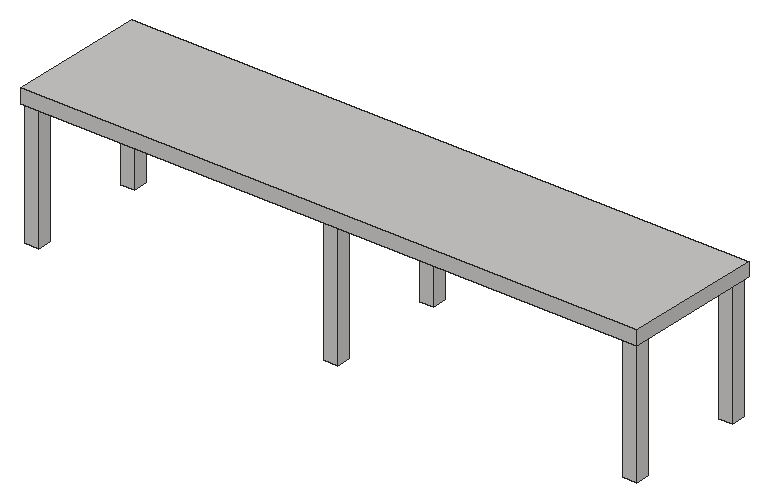
Revit family "QF_ZANUSSI_132968_OSN1L18", category Attrezzature speciali, Revit 2021
Family settings
  Quota connettore circolare = Usa diametro
  Tipo di parte = Normale
  Basato su piano di lavoro = No
  Sempre verticale = Sì
  Taglio con vuoti quando caricato = No
  Condiviso = No
  Punto di calcolo locali = No
Parameters (values of type "Standard")
  Weight = 23.00 kg
  Watts = 0 W
  Volts = 0 V
  URL Manufacturer = "http://www.zanussiprofessional.com"
  URL = "http://www.zanussiprofessional.com"
  Steam Supply Size = 0 mm
  Steam Supply Minimum Pressure = 0.0 Pa
  Steam Supply Maximum Pressure = 0.0 Pa
  Steam Consumption per Hour = 0
  Refrigeration Suction Line Size = 0.0 mm
  Refrigeration Liquid Line Size = 0.0 mm
  Refrigerant Compressor Remote = yes
  Prospetto di default = 0.0 mm
  Phase = 0
  Modello = "OSN1L18"
  Produttore = "Zanussi"
  Length Actual = 1775.0 mm  # constant formula
  Item Number = "132968"
  Hot Water Size = 0 mm
  Height Actual = 400.0 mm  # constant formula
  HP = "0 HP"
  Gas Size = 0 mm
  Gas KW = 0
  Gas Input Pressure = 0 W
  Direct Waste Size = 0 mm
  Descrizione = "OVERSHELF, NEUTRAL, ONE TIER, 1800 MM"
  Depth Actual = 400.0 mm  # constant formula
  Cycle = 0 Hz
  Condensate Return Size = 0 mm
  Compressed Air Volume = 0.0 L/s
  Compressed Air Size = 0 mm
  Compressed Air Pressure = 0.0 Pa
  Cold Water Size = 0 mm
  Accessory = yes
Reference planes
  plane 1 "Center (Front/Back)": y = 0
  plane 2: z = 0
  plane 3 "Center (Left/Right)": x = -387.5
  plane 4 "LEFT": x = -1275
  plane 5 "RIGHT": x = 500
  plane 6 "BACK": y = 350
  plane 7 "FRONT": y = -50
  plane 8 "Base": z = 1260
  plane 9 "TOP": z = 1300
  plane 10: x = -1247.2
  plane 11: x = 472.2
  plane 12: y = 322.2
  plane 13: y = -22.2
  plane 14: z = 900
Forms (mm)
  Extrusion 1, solid, material "QF_Finishes_Stainless Steel"
    sketch origin (-387.5, 0, 900) x (0, 1, 0) y (0, 0, 1)
      loop
        line (-50, 360) -> (350, 360) -> (350, 400) -> (-50, 400) -> (-50, 360)
    from 887.5 to -887.5
Lines and regions (mm)
  symbolic lines
    curve 1: line (500, 350, 1300) -> (-1275, 350, 1300)
    curve 2: line (-1275, 350, 1300) -> (-1275, -50, 1300)
    curve 3: line (-1275, -50, 1300) -> (500, -50, 1300)
    curve 4: line (500, -50, 1300) -> (500, 350, 1300)
    curve 5: line (-1275, -50, 1300) -> (500, 350, 1300)
  symbolic lines, style "SpecialityEquipmentHiddenLines"
    curve 6: line (-1267.2, -2.2, 1300) -> (-1227.2, -2.2, 1300)
    curve 7: line (-1227.2, -2.2, 1300) -> (-1227.2, -42.2, 1300)
    curve 8: line (-1227.2, -42.2, 1300) -> (-1267.2, -42.2, 1300)
    curve 9: line (-1267.2, -42.2, 1300) -> (-1267.2, -2.2, 1300)
    curve 10: line (-1267.2, 342.2, 1300) -> (-1227.2, 342.2, 1300)
    curve 11: line (-1227.2, 342.2, 1300) -> (-1227.2, 302.2, 1300)
    curve 12: line (-1227.2, 302.2, 1300) -> (-1267.2, 302.2, 1300)
    curve 13: line (-1267.2, 302.2, 1300) -> (-1267.2, 342.2, 1300)
    curve 14: line (452.2, 342.2, 1300) -> (492.2, 342.2, 1300)
    curve 15: line (492.2, 342.2, 1300) -> (492.2, 302.2, 1300)
    curve 16: line (492.2, 302.2, 1300) -> (452.2, 302.2, 1300)
    curve 17: line (452.2, 302.2, 1300) -> (452.2, 342.2, 1300)
    curve 18: line (452.2, -2.2, 1300) -> (492.2, -2.2, 1300)
    curve 19: line (492.2, -2.2, 1300) -> (492.2, -42.2, 1300)
    curve 20: line (492.2, -42.2, 1300) -> (452.2, -42.2, 1300)
    curve 21: line (452.2, -42.2, 1300) -> (452.2, -2.2, 1300)
    curve 22: line (-407.5, 342.202, 1300) -> (-367.5, 342.202, 1300)
    curve 23: line (-367.5, 342.202, 1300) -> (-367.5, 302.202, 1300)
    curve 24: line (-367.5, 302.202, 1300) -> (-407.5, 302.202, 1300)
    curve 25: line (-407.5, 302.202, 1300) -> (-407.5, 342.202, 1300)
    curve 26: line (-407.5, -2.198, 1300) -> (-367.5, -2.198, 1300)
    curve 27: line (-367.5, -2.198, 1300) -> (-367.5, -42.198, 1300)
    curve 28: line (-367.5, -42.198, 1300) -> (-407.5, -42.198, 1300)
    curve 29: line (-407.5, -42.198, 1300) -> (-407.5, -2.198, 1300)
Dimensions and locks
  plane 4 "LEFT" to plane 5 "RIGHT" = 1775.0 mm
  equal spacing: plane 4 "LEFT", plane 3 "Center (Left/Right)", plane 5 "RIGHT"
  plane 4 "LEFT" to plane 10 = 27.8 mm
  plane 11 to plane 5 "RIGHT" = 27.8 mm
  plane 10 to plane 11 = 1719.4 mm
  plane 6 "BACK" to plane 12 = 27.8 mm
  plane 13 to plane 7 "FRONT" = 27.8 mm
  plane 6 "BACK" to plane 7 "FRONT" = 400.0 mm
  plane 12 to plane 13 = 344.4 mm
  plane 6 "BACK" to plane 1 "Center (Front/Back)" to plane 7 "FRONT" = 350.0 mm, 50.0 mm
  plane 14 to level = 900.0 mm
  locked: plane 8 "Base" to plane 14 at 360
  locked: plane 9 "TOP" to plane 14 at 400
  aligned and locked: level to plane 2
  aligned and locked: plane 10 to nested 1
  aligned and locked: nested 1 to plane 13
  aligned and locked: plane 11 to nested 2
  aligned and locked: nested 2 to plane 13
  aligned and locked: plane 11 to nested 4
  aligned and locked: nested 4 to plane 12
  aligned and locked: plane 10 to nested 3
  aligned and locked: nested 3 to plane 12
  aligned and locked: Extrusion 1 to plane 4 "LEFT"
  aligned and locked: plane 5 "RIGHT" to Extrusion 1
  aligned and locked: curve 2 to plane 4 "LEFT"
  aligned and locked: plane 3 "Center (Left/Right)" to nested 5
  aligned and locked: nested 6 to nested 5
Automatic sketch dimensions
  Extrusion 1 sketch curve to plane 7 "FRONT" = 0.0 mm
  Extrusion 1 sketch curve to plane 8 "Base" = 0.0 mm
  Extrusion 1 sketch curve to plane 9 "TOP" = 0.0 mm
  Extrusion 1 sketch curve to plane 6 "BACK" = 0.0 mm
  curve 3 to plane 7 "FRONT" = 0.0 mm
  curve 5 to plane 5 "RIGHT" = 0.0 mm
  curve 5 to plane 6 "BACK" = 0.0 mm
  plane 7 "FRONT" to curve 21 = 7.8 mm
  plane 7 "FRONT" to curve 8 = 7.8 mm
  plane 7 "FRONT" to curve 28 = 7.802 mm
  plane 1 "Center (Front/Back)" to curve 6 = 2.2 mm
  plane 1 "Center (Front/Back)" to curve 21 = 2.2 mm
  plane 1 "Center (Front/Back)" to curve 27 = 2.198 mm
  curve 15 to plane 5 "RIGHT" = 7.8 mm
  curve 15 to plane 12 = 20.0 mm
  plane 4 "LEFT" to curve 12 = 7.8 mm
  curve 12 to plane 12 = 20.0 mm
  curve 24 to plane 12 = 19.998 mm
  curve 10 to plane 6 "BACK" = 7.8 mm
  curve 14 to plane 6 "BACK" = 7.8 mm
  curve 23 to plane 6 "BACK" = 7.798 mm
  curve 19 to plane 5 "RIGHT" = 7.8 mm
  curve 18 to plane 11 = 20.0 mm
  curve 17 to plane 11 = 20.0 mm
  plane 3 "Center (Left/Right)" to curve 22 = 20.0 mm
  plane 3 "Center (Left/Right)" to curve 27 = 20.0 mm
  curve 25 to plane 3 "Center (Left/Right)" = 20.0 mm
  curve 28 to plane 3 "Center (Left/Right)" = 20.0 mm
  plane 10 to curve 6 = 20.0 mm
  plane 10 to curve 12 = 20.0 mm
  plane 4 "LEFT" to curve 9 = 7.8 mm
Nested families
  nested 1: "FEET_40x40_H360" at (-1247.2, -22.2, 900), type "FEET_40x40_H360"
  nested 2: "FEET_40x40_H360" at (472.2, -22.2, 900), type "FEET_40x40_H360"
  nested 3: "FEET_40x40_H360" at (-1247.2, 322.2, 900), type "FEET_40x40_H360"
  nested 4: "FEET_40x40_H360" at (472.2, 322.2, 900), type "FEET_40x40_H360"
  nested 5: "FEET_40x40_H360" at (-387.5, -22.2, 900), type "FEET_40x40_H360"
  nested 6: "FEET_40x40_H360" at (-387.5, 322.2, 900), type "FEET_40x40_H360"
Definition of nested family "FEET_40x40_H360"
  Parameters
    Default Elevation = 0.0 mm
    FEET = 360.0 mm
  Reference planes
    plane 1 "Center (Front/Back)": y = 0
    plane 2: z = 0
    plane 3 "Center (Left/Right)": x = 0
    plane 4: z = 360
  Forms (mm)
    Extrusion 1, solid
      sketch origin (0, 0, 0) x (1, 0, 0) y (0, 1, 0)
        loop
          line (-20, -20) -> (20, -20) -> (20, 20) -> (-20, 20) -> (-20, -20)
      from 0 to 360
  Lines and regions (mm)
    symbolic lines
      curve 1: line (0, -1.503, 0) -> (0, 1.508, 0)
      curve 2: line (1.561, 0, 0) -> (-1.439, 0, 0)
  Dimensions and locks
    "FEET": plane 4 to plane 2
    aligned and locked: level to plane 2
  Automatic sketch dimensions
    plane 1 "Center (Front/Back)" to curve 2 = 0.0 mm
    curve 1 to plane 3 "Center (Left/Right)" = 0.0 mm
    curve 2 to plane 3 "Center (Left/Right)" = 1.439 mm
    plane 3 "Center (Left/Right)" to curve 2 = 1.561 mm
    plane 1 "Center (Front/Back)" to curve 1 = 1.503 mm
    curve 1 to plane 1 "Center (Front/Back)" = 1.508 mm
    Extrusion 1 sketch curve to plane 3 "Center (Left/Right)" = 20.0 mm
    plane 3 "Center (Left/Right)" to Extrusion 1 sketch curve = 20.0 mm
    plane 1 "Center (Front/Back)" to Extrusion 1 sketch curve = 20.0 mm
    Extrusion 1 sketch curve to plane 1 "Center (Front/Back)" = 20.0 mm
